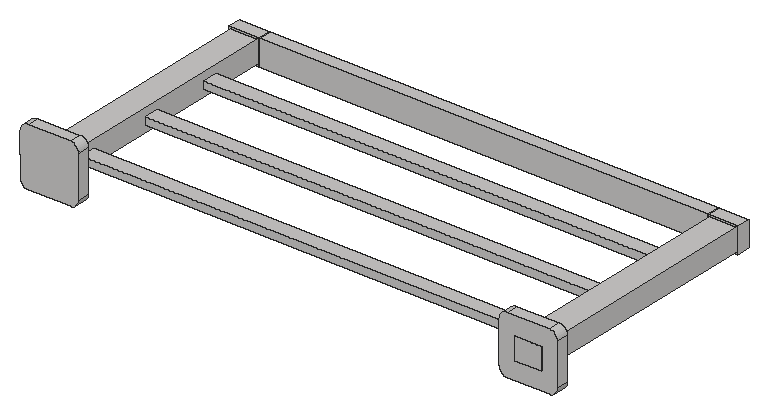
Revit family "SA-2403", category Plumbing Fixtures, host Wall, Revit 2023
Family settings
  Host = Wall
  Round Connector Dimension = Use Diameter
  Part Type = Normal
  OmniClass Number = 23.45.00.00
  OmniClass Title = Sanitary, Laundry, and Cleaning Equipment
  Enable Cutting in Views = No
  Always vertical = Yes
  Cut with Voids When Loaded = No
  Maintain Annotation Orientation = No
  Shared = No
  Room Calculation Point = No
Parameters
  Default Elevation = 0' - 0"
Reference planes (in)
  plane 1: y = 0
  plane 2 "Center (Left/Right)": x = -0.47711
  plane 3 "Back": y = 3
  plane 4: z = 36
  plane 5: x = 8.52289
  plane 6: x = -9.47711
  plane 7: x = 9.61664
  plane 8: x = 7.42914
  plane 9: x = -8.38336
  plane 10: x = -10.57086
  plane 11: z = 37.09375
  plane 12: z = 34.90625
  plane 13: z = 37.09375
  plane 14: z = 34.90625
  plane 15: y = 12.625
Forms (in)
  Extrusion 1, solid, material "Metal Finish silver"
    sketch origin (-60, 3, 0) x (-1, 0, 0) y (0, 0, 1)
      loop
        arc (-69.31291, 37.09375) -> (-69.52768, 37.00479) -> (-69.61664, 36.79002) r 0.30373
        line (-69.61664, 36.79002) -> (-69.61664, 35.20998)
        arc (-69.61664, 35.20998) -> (-69.52768, 34.99521) -> (-69.31291, 34.90625) r 0.30373
        line (-69.31291, 34.90625) -> (-67.73287, 34.90625)
        arc (-67.73287, 34.90625) -> (-67.5181, 34.99521) -> (-67.42914, 35.20998) r 0.30373
        line (-67.42914, 35.20998) -> (-67.42914, 36.79002)
        arc (-67.42914, 36.79002) -> (-67.5181, 37.00479) -> (-67.73287, 37.09375) r 0.30373
        line (-67.73287, 37.09375) -> (-69.31291, 37.09375)
      loop
        arc (-51.31291, 37.09375) -> (-51.52768, 37.00479) -> (-51.61664, 36.79002) r 0.30373
        line (-51.61664, 36.79002) -> (-51.61664, 35.20998)
        arc (-51.61664, 35.20998) -> (-51.52768, 34.99521) -> (-51.31291, 34.90625) r 0.30373
        line (-51.31291, 34.90625) -> (-49.73287, 34.90625)
        arc (-49.73287, 34.90625) -> (-49.5181, 34.99521) -> (-49.42914, 35.20998) r 0.30373
        line (-49.42914, 35.20998) -> (-49.42914, 36.79002)
        arc (-49.42914, 36.79002) -> (-49.5181, 37.00479) -> (-49.73287, 37.09375) r 0.30373
        line (-49.73287, 37.09375) -> (-51.31291, 37.09375)
    from 0 to 0.44589
  Extrusion 2, solid, material "Metal Finish silver"
    sketch origin (-60, 3, 0) x (-1, 0, 0) y (0, 0, 1)
      loop
        line (-51.02402, 36.40668) -> (-51.02402, 35.56857) -> (-50.02176, 35.56857) -> (-50.02176, 36.40668) -> (-51.02402, 36.40668)
    from 0 to 9.15434
  Extrusion 3, solid, material "Metal Finish silver"
    sketch origin (-60, 3, 0) x (-1, 0, 0) y (0, 0, 1)
      loop
        line (-51.08652, 36.46918) -> (-51.08652, 35.50607) -> (-49.95926, 35.50607) -> (-49.95926, 36.46918) -> (-51.08652, 36.46918)
    from 9.15434 to 9.625
  Extrusion 4, solid, material "Metal Finish silver"
    sketch origin (-42, 3, 0) x (-1, 0, 0) y (0, 0, 1)
      loop
        line (-51.02402, 36.40668) -> (-51.02402, 35.56857) -> (-50.02176, 35.56857) -> (-50.02176, 36.40668) -> (-51.02402, 36.40668)
    from 0 to 9.15434
  Extrusion 5, solid, material "Metal Finish silver"
    sketch origin (-42, 3, 0) x (-1, 0, 0) y (0, 0, 1)
      loop
        line (-51.08652, 36.46918) -> (-51.08652, 35.50607) -> (-49.95926, 35.50607) -> (-49.95926, 36.46918) -> (-51.08652, 36.46918)
    from 9.15434 to 9.625
  Extrusion 6, solid, material "Metal Finish silver"
    sketch origin (0, 0, 0) x (1, 0, 0) y (0, 1, 0)
      loop
        line (-8.97598, 3.83388) -> (8.02176, 3.83388) -> (8.02176, 4.39083) -> (-8.97598, 4.39083) -> (-8.97598, 3.83388)
    from 35.85072 to 36.14715
  Extrusion 7, solid, material "Metal Finish silver"
    sketch origin (0, 3, 0) x (1, 0, 0) y (0, 1, 0)
      loop
        line (-8.97598, 3.83388) -> (8.02176, 3.83388) -> (8.02176, 4.39083) -> (-8.97598, 4.39083) -> (-8.97598, 3.83388)
    from 35.85072 to 36.14715
  Extrusion 8, solid, material "Metal Finish silver"
    sketch origin (0, 5.75, 0) x (1, 0, 0) y (0, 1, 0)
      loop
        line (-8.97598, 3.83388) -> (8.02176, 3.83388) -> (8.02176, 4.39083) -> (-8.97598, 4.39083) -> (-8.97598, 3.83388)
    from 35.85072 to 36.14715
  Extrusion 9, solid, material "Metal Finish silver"
    sketch origin (0, 8.25, 0) x (1, 0, 0) y (0, 1, 0)
      loop
        line (-8.91348, 3.90434) -> (7.95926, 3.90434) -> (7.95926, 4.375) -> (-8.91348, 4.375) -> (-8.91348, 3.90434)
    from 35.50607 to 36.46918
Cuts and joins
  joined: Extrusion 1, Extrusion 2, Extrusion 3
Text (in)
  text "Placement Side" at (0, 40.15149, 123.01588), in view "Right"
  text "Placement Side" at (-70.3804, 45.82615, 0), in view "Ref. Level"
  text "Placement Side" at (0, 47.49176, 113.10569), in view "Left"
Dimensions and locks (in)
  locked: plane 3 "Back" to host wall
  host wall to plane 15 = 0' - 9 5/8"
